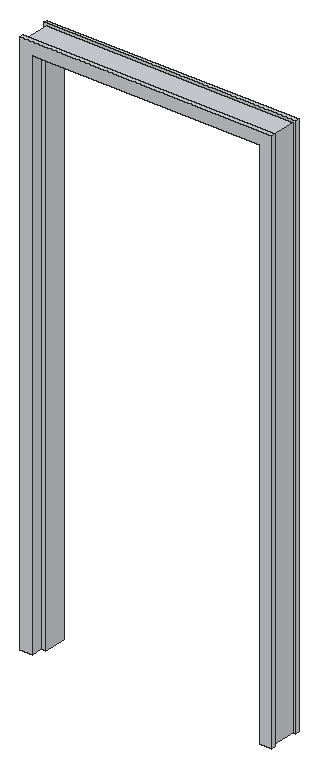
Revit family "BG_DORc_DoorFrame-SingleRebate", category Doors, Revit 2020
Family settings
  Work Plane-Based = Yes
  Always vertical = Yes
  Cut with Voids When Loaded = No
  Shared = No
  Room Calculation Point = No
Parameters (values of type "Double Rebate")
  Width [instance] = 920 mm
  Trim projection V [instance] = 12 mm
  Trim projection H [instance] = 10 mm
  Throat I [instance] = 50 mm
  Throat E [instance] = 50 mm
  Hinge gap [instance] = 3 mm
  Height [instance] = 2040 mm
  Frame width [instance] = 40 mm
  Finish [instance] = none
  Door rebate [instance] = 40 mm
  Default Elevation = 1219.2 mm
Reference planes
  plane 1 "Center (Front/Back)": y = 0
  plane 2: z = 0
  plane 3 "Right": x = 0
  plane 4 "Left": x = -920
  plane 5: z = 2040
Forms (mm)
  Sweep 1, solid, material <- "Finish"
    path origin (0, 0, 0) x (1, 0, 0) y (0, 0, 1)
      loop
        line (-920, 0) -> (-920, 2040) -> (0, 2040) -> (0, 0)
    profile "BG_PRF_DoorFrame-SingleRebate : Single rebate" origin (-920, 0, 1020) x (-1, 0, 0) y (0, -1, 0)
      loop
        line (10, 62) -> (-37, 62) -> (-37, 22) -> (-55.541, 22) -> (-55.541, -62) -> (10, -62) -> (10, -50) -> (0, -50) -> (0, 50) -> (10, 50) -> (10, 62)
Dimensions and locks
  "Width": plane 4 "Left" to plane 3 "Right"
  "Height": plane 5 to level
  aligned and locked: level to plane 2
  aligned and locked: Sweep 1 sketch curve to plane 4 "Left"
  aligned and locked: Sweep 1 sketch curve to plane 5
  aligned and locked: Sweep 1 sketch curve to plane 3 "Right"
  aligned and locked: level to Sweep 1 sketch curve  (x2)
